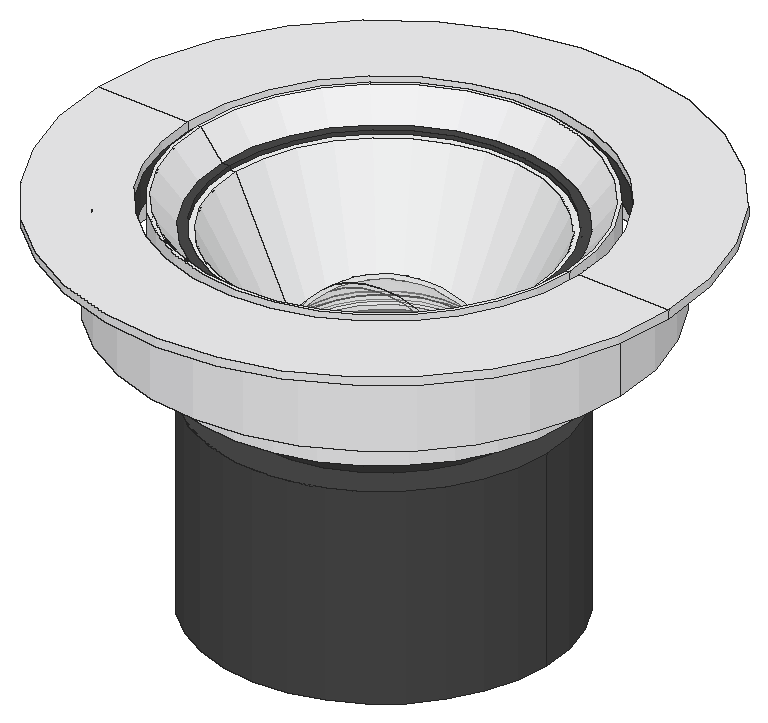
Revit family "Lighting Fixture_Sylvania_Expospot 90 Adjustable_Ceiling Recessed1", category Lighting Fixtures, host Face, Revit 2016
Family settings
  Host = Face
  Part Type = Normal
  Round Connector Dimension = Use Diameter
  OmniClass Number = 23.80.70.11.17
  OmniClass Title = Specialized Lighting by Location or Use
  Cut with Voids When Loaded = No
  Light Source = No
  Shared = No
  Room Calculation Point = No
Parameters (values of type "EXPOSPOT 90 ADJ HE 80 3K MB WH")
  Weight = 0.77 kg  # constant formula
  Total Power Consumption = 27.9994 W
  Reflector Material = Aluminum_Sylvania_Expospot_Polished
  Radius = Diameter / 2  # 75.0 mm
  Product Code = "0060262"
  Photometric Web File = IES_Expospot_90_Adjustable : 0060262
  Photobiological Risk Group = "RG1"  # constant formula
  Nominal Frequency = "50/60Hz"  # constant formula
  Mounting Outer Radius = Head Radius + 3.0 mm  # 52.0 mm
  Max. Luminaires per 20A C Breaker = "45"  # constant formula
  Max. Luminaires per 20A B Breaker = "27"  # constant formula
  Max. Luminaires per 16A C Breaker = "35"  # constant formula
  Max. Luminaires per 16A B Breaker = "21"  # constant formula
  Max. Luminaires per 13A C Breaker = "28"  # constant formula
  Max. Luminaires per 13A B Breaker = "17"  # constant formula
  Max. Luminaires per 10A C Breaker = "21"  # constant formula
  Max. Luminaires per 10A B Breaker = "13"  # constant formula
  Light Loss Factor = 1  # constant formula
  Lamp Power Factor = 0.92
  LOR = "100%"  # constant formula
  Inrush Duration = "250µs"  # constant formula
  Inrush Current = 19.4 A  # constant formula
  Initial Intensity = 3126 lm
  Initial Color = 3000 K
  IP Rating = "IP20"  # constant formula
  IK Rating = "IK02"  # constant formula
  Height = 103.0 mm  # constant formula
  Voltage Comments = "220-240V~"  # constant formula
  Voltage = 240 V  # constant formula
  URL = "http://www.sylvania-lighting.com/product/en-int/category/interior-lighting/accent-downlights/families/expospot-led/expospot-90-adjustable"
  Product Page URL = "http://www.sylvania-lighting.com/product/en-int/products/0060262"
  Product Family = "EXPOSPOT 90 ADJUSTABLE"  # constant formula
  Head Radius = Radius - 26.0 mm  # 49.0 mm
  Head Diameter = Head Radius * 2  # 98.0 mm
  Head Angle [instance] = 0°
  Glow Wire Test = 850 °C  # constant formula
  Electrical Protection = "Class II"  # constant formula
  Drive Current = "700mA"  # constant formula
  Dimmable = "N"  # constant formula
  Diffuser Material = Acrylic_Sylvania_Expospot_3000K
  Diameter = 150.0 mm  # constant formula
  Cutout Diameter = Diameter - 10.0 mm  # 140.0 mm
  Created by URL = "http://all1studio.com/"
  Created by = "All 1 Studio Ltd. "  # constant formula
  Control Gear Type = "Electronic"  # constant formula
  Control Gear Required = "No"  # constant formula
  Control Gear Mounting = "Remote"  # constant formula
  Colour Variation Initial = "3SDCM"  # constant formula
  built-in parameter 1114216 [instance] = 1 (stored number, unit not read)
  Model = "EXPOSPOT 90 ADJ HE 80 3K MB WH"
  Manufacturer = "Feilo Sylvania"  # constant formula
  Lamp = "LED"  # constant formula
  CRI = "80Ra"
  Body Material = Aluminum_Sylvania_Expospot_White
  Description = "Specifically designed for Retail and Display applications. I.e. Supermarkets Fashion Retail Department stores. Build around a 90mm reflector and lens combination."  # constant formula
  Default Elevation = 0.0 mm
  built-in parameter 1140040 [instance] = 1
  Beam Angle = 47°
  Average Life = "50 000h"  # constant formula
  Assembly Code = "D5020200"
  Apparent Load Comments = ""
  Apparent Load = 27.9994 VA
  Body Secondary Material = Plastic_Sylvania_Expospot_Black
Types (24, lengths in mm): name | Total Power Consumption | Product Code | Photometric Web File | Lamp Power Factor | Initial Intensity | Initial Color | Product Page URL | Diffuser Material | Model | CRI | Beam Angle | Apparent Load
  EXPOSPOT 90 ADJ HO 90 4K WB WH | 34.9993 W | "0060296" | IES_Expospot_90_Adjustable : 0060296 | 0.95 | 3479 lm | 4000 K | "http://www.sylvania-lighting.com/product/en-int/products/0060296" | Acrylic_Sylvania_Expospot_4000K | "EXPOSPOT 90 ADJ HO 90 4K WB WH" | "90Ra" | 57° | 34.9993 VA
  EXPOSPOT 90 ADJ HO 90 4K MB WH | 34.9993 W | "0060295" | IES_Expospot_90_Adjustable : 0060295 | 0.95 | 3458 lm | 4000 K | "http://www.sylvania-lighting.com/product/en-int/products/0060295" | Acrylic_Sylvania_Expospot_4000K | "EXPOSPOT 90 ADJ HO 90 4K MB WH" | "90Ra" | 43° | 34.9993 VA
  EXPOSPOT 90 ADJ HO 90 4K NB WH | 34.9993 W | "0060294" | IES_Expospot_90_Adjustable : 0060294 | 0.95 | 3570 lm | 4000 K | "http://www.sylvania-lighting.com/product/en-int/products/0060294" | Acrylic_Sylvania_Expospot_4000K | "EXPOSPOT 90 ADJ HO 90 4K NB WH" | "90Ra" | 26° | 34.9993 VA
  EXPOSPOT 90 ADJ HO 90 3K WB WH | 34.9993 W | "0060293" | IES_Expospot_90_Adjustable : 0060293 | 0.95 | 3293 lm | 3000 K | "http://www.sylvania-lighting.com/product/en-int/products/0060293" | Acrylic_Sylvania_Expospot_3000K | "EXPOSPOT 90 ADJ HO 90 3K WB WH" | "90Ra" | 56° | 34.9993 VA
  EXPOSPOT 90 ADJ HO 90 3K MB WH | 34.9993 W | "0060292" | IES_Expospot_90_Adjustable : 0060292 | 0.95 | 3180 lm | 3000 K | "http://www.sylvania-lighting.com/product/en-int/products/0060292" | Acrylic_Sylvania_Expospot_3000K | "EXPOSPOT 90 ADJ HO 90 3K MB WH" | "90Ra" | 44° | 34.9993 VA
  EXPOSPOT 90 ADJ HO 90 3K NB WH | 34.9993 W | "0060291" | IES_Expospot_90_Adjustable : 0060291 | 0.95 | 3369 lm | 3000 K | "http://www.sylvania-lighting.com/product/en-int/products/0060291" | Acrylic_Sylvania_Expospot_3000K | "EXPOSPOT 90 ADJ HO 90 3K NB WH" | "90Ra" | 26° | 34.9993 VA
  EXPOSPOT 90 ADJ HO 80 4K WB WH | 34.9993 W | "0060290" | IES_Expospot_90_Adjustable : 0060290 | 0.95 | 3942 lm | 4000 K | "http://www.sylvania-lighting.com/product/en-int/products/0060290" | Acrylic_Sylvania_Expospot_4000K | "EXPOSPOT 90 ADJ HO 80 4K WB WH" | "80Ra" | 60° | 34.9993 VA
  EXPOSPOT 90 ADJ HO 80 4K MB WH | 34.9993 W | "0060289" | IES_Expospot_90_Adjustable : 0060289 | 0.95 | 3852 lm | 4000 K | "http://www.sylvania-lighting.com/product/en-int/products/0060289" | Acrylic_Sylvania_Expospot_4000K | "EXPOSPOT 90 ADJ HO 80 4K MB WH" | "80Ra" | 43° | 34.9993 VA
  EXPOSPOT 90 ADJ HO 80 4K NB WH | 34.9993 W | "0060288" | IES_Expospot_90_Adjustable : 0060288 | 0.95 | 4121 lm | 4000 K | "http://www.sylvania-lighting.com/product/en-int/products/0060288" | Acrylic_Sylvania_Expospot_4000K | "EXPOSPOT 90 ADJ HO 80 4K NB WH" | "80Ra" | 27° | 34.9993 VA
  EXPOSPOT 90 ADJ HO 80 3K WB WH | 34.9993 W | "0060287" | IES_Expospot_90_Adjustable : 0060287 | 0.95 | 3736 lm | 3000 K | "http://www.sylvania-lighting.com/product/en-int/products/0060287" | Acrylic_Sylvania_Expospot_3000K | "EXPOSPOT 90 ADJ HO 80 3K WB WH" | "80Ra" | 62° | 34.9993 VA
  EXPOSPOT 90 ADJ HO 80 3K MB WH | 34.9993 W | "0060286" | IES_Expospot_90_Adjustable : 0060286 | 0.95 | 3721 lm | 3000 K | "http://www.sylvania-lighting.com/product/en-int/products/0060286" | Acrylic_Sylvania_Expospot_3000K | "EXPOSPOT 90 ADJ HO 80 3K MB WH" | "80Ra" | 45° | 34.9993 VA
  EXPOSPOT 90 ADJ HE 90 4K WB WH | 27.9994 W | "0060272" | IES_Expospot_90_Adjustable : 0060272 | 0.92 | 2855 lm | 4000 K | "http://www.sylvania-lighting.com/product/en-int/products/0060272" | Acrylic_Sylvania_Expospot_4000K | "EXPOSPOT 90 ADJ HE 90 4K WB WH" | "90Ra" | 57° | 27.9994 VA
  EXPOSPOT 90 ADJ HE 90 4K MB WH | 27.9994 W | "0060271" | IES_Expospot_90_Adjustable : 0060271 | 0.92 | 2836 lm | 4000 K | "http://www.sylvania-lighting.com/product/en-int/products/0060271" | Acrylic_Sylvania_Expospot_4000K | "EXPOSPOT 90 ADJ HE 90 4K MB WH" | "90Ra" | 45° | 27.9994 VA
  EXPOSPOT 90 ADJ HE 90 4K NB WH | 27.9994 W | "0060270" | IES_Expospot_90_Adjustable : 0060270 | 0.92 | 2789 lm | 4000 K | "http://www.sylvania-lighting.com/product/en-int/products/0060270" | Acrylic_Sylvania_Expospot_4000K | "EXPOSPOT 90 ADJ HE 90 4K NB WH" | "90Ra" | 26° | 27.9994 VA
  EXPOSPOT 90 ADJ HE 90 3K WB WH | 27.9994 W | "0060269" | IES_Expospot_90_Adjustable : 0060269 | 0.92 | 2589 lm | 3000 K | "http://www.sylvania-lighting.com/product/en-int/products/0060269" | Acrylic_Sylvania_Expospot_3000K | "EXPOSPOT 90 ADJ HE 90 3K WB WH" | "90Ra" | 58° | 27.9994 VA
  EXPOSPOT 90 ADJ HE 90 3K MB WH | 27.9994 W | "0060268" | IES_Expospot_90_Adjustable : 0060268 | 0.92 | 2573 lm | 3000 K | "http://www.sylvania-lighting.com/product/en-int/products/0060268" | Acrylic_Sylvania_Expospot_3000K | "EXPOSPOT 90 ADJ HE 90 3K MB WH" | "90Ra" | 44° | 27.9994 VA
  EXPOSPOT 90 ADJ HE 90 3K NB WH | 27.9994 W | "0060267" | IES_Expospot_90_Adjustable : 0060267 | 0.92 | 2536 lm | 3000 K | "http://www.sylvania-lighting.com/product/en-int/products/0060267" | Acrylic_Sylvania_Expospot_3000K | "EXPOSPOT 90 ADJ HE 90 3K NB WH" | "90Ra" | 25° | 27.9994 VA
  EXPOSPOT 90 ADJ HE 80 4K WB WH | 27.9994 W | "0060266" | IES_Expospot_90_Adjustable : 0060266 | 0.92 | 3229 lm | 4000 K | "http://www.sylvania-lighting.com/product/en-int/products/0060266" | Acrylic_Sylvania_Expospot_4000K | "EXPOSPOT 90 ADJ HE 80 4K WB WH" | "80Ra" | 57° | 27.9994 VA
  EXPOSPOT 90 ADJ HE 80 4K MB WH | 27.9994 W | "0060265" | IES_Expospot_90_Adjustable : 0060265 | 0.92 | 3232 lm | 4000 K | "http://www.sylvania-lighting.com/product/en-int/products/0060265" | Acrylic_Sylvania_Expospot_4000K | "EXPOSPOT 90 ADJ HE 80 4K MB WH" | "80Ra" | 43° | 27.9994 VA
  EXPOSPOT 90 ADJ HE 80 4K NB WH | 27.9994 W | "0060264" | IES_Expospot_90_Adjustable : 0060264 | 0.92 | 3145 lm | 4000 K | "http://www.sylvania-lighting.com/product/en-int/products/0060264" | Acrylic_Sylvania_Expospot_4000K | "EXPOSPOT 90 ADJ HE 80 4K NB WH" | "80Ra" | 29° | 27.9994 VA
  EXPOSPOT 90 ADJ HE 80 3K WB WH | 27.9994 W | "0060263" | IES_Expospot_90_Adjustable : 0060263 | 0.92 | 3174 lm | 3000 K | "http://www.sylvania-lighting.com/product/en-int/products/0060263" | Acrylic_Sylvania_Expospot_3000K | "EXPOSPOT 90 ADJ HE 80 3K WB WH" | "80Ra" | 61° | 27.9994 VA
  EXPOSPOT 90 ADJ HE 80 3K MB WH | 27.9994 W | "0060262" | IES_Expospot_90_Adjustable : 0060262 | 0.92 | 3126 lm | 3000 K | "http://www.sylvania-lighting.com/product/en-int/products/0060262" | Acrylic_Sylvania_Expospot_3000K | "EXPOSPOT 90 ADJ HE 80 3K MB WH" | "80Ra" | 47° | 27.9994 VA
  EXPOSPOT 90 ADJ HE 80 3K NB WH | 27.9994 W | "0060261" | IES_Expospot_90_Adjustable : 0060261 | 0.92 | 3174 lm | 3000 K | "http://www.sylvania-lighting.com/product/en-int/products/0060261" | Acrylic_Sylvania_Expospot_3000K | "EXPOSPOT 90 ADJ HE 80 3K NB WH" | "80Ra" | 26° | 27.9994 VA
  EXPOSPOT 90 ADJ HO 80 3K NB WH | 34.9993 W | "0060285" | IES_Expospot_90_Adjustable : 0060285 | 0.95 | 3946 lm | 3000 K | "http://www.sylvania-lighting.com/product/en-int/products/0060285" | Acrylic_Sylvania_Expospot_3000K | "EXPOSPOT 90 ADJ HO 80 3K NB WH" | "80Ra" | 27° | 34.9993 VA
Reference planes
  plane 1 "Center (Front/Back)": y = 0
  plane 2: z = 0
  plane 3 "Center (Left/Right)": x = -7.423
  plane 4: z = 2
  plane 5: z = -22.5
  plane 6: x = -82.423
  plane 7: z = -5
Forms (mm)
  Revolve 1, solid, material "Aluminum_Sylvania_Expospot_White" <- "Body Material", detail levels fine
    sketch origin (0, 0, 0) x (1, 0, 0) y (0, 0, 1)
      loop
        line (-82.423, 2) -> (-82.423, 0) -> (-69.923, 0) -> (-69.923, -22.5) -> (-67.923, -22.5) -> (-67.923, 0) -> (-58.923, 0) -> (-58.923, 2) -> (-82.423, 2)
      axis (-7.423, 2) -> (-7.423, -22.5)
    angle from 0 to 360
  Revolve 2, solid, material "Plastic_Sylvania_Expospot_Black" <- "Body Secondary Material", detail levels fine
    sketch origin (0, 0, 0) x (1, 0, 0) y (0, 0, 1)
      loop
        line (-67.923, 0) -> (-67.923, -1.5) -> (-60.923, -1.5) -> (-60.923, -8.5) -> (-59.423, -8.5) -> (-59.423, 0) -> (-67.923, 0)
      axis (-7.423, 0) -> (-7.423, -8.5)
    angle from 0 to 360
  Extrusion 3, void
    sketch origin (0, 0, 0) x (1, 0, 0) y (0, 1, 0)
      loop
        circle (-7.423, 0) r 70
    from -116.997 to 69.443
  Extrusion 4, solid, material "Aluminum_Sylvania_Expospot_White" <- "Body Material", detail levels fine
    sketch origin (-7.423, 0, 0) x (0, 1, 0) y (0, 0, 1)
      loop
        circle (0, -5) r 3.5
    from 49 <- "Head Radius" to 52 <- "Mounting Outer Radius"
  Extrusion 5, solid, material "Aluminum_Sylvania_Expospot_White" <- "Body Material", detail levels fine
    sketch origin (-7.423, 0, 0) x (0, 1, 0) y (0, 0, -1)
      loop
        circle (0, 5) r 3.5
    from 49 <- "Head Radius" to 52 <- "Mounting Outer Radius"
  Revolve 6, solid, material "Aluminum_Sylvania_Expospot_White" <- "Body Material", detail levels coarse+medium
    sketch origin (0, 0, 0) x (1, 0, 0) y (0, 0, 1)
      loop
        line (-82.423, 2) -> (-82.423, 0) -> (-69.923, 0) -> (-69.923, -22.5) -> (-67.923, -22.5) -> (-67.923, -8.5) -> (-58.923, -8.5) -> (-58.923, 2) -> (-82.423, 2)
      axis (-7.423, 2) -> (-7.423, -22.5)
    angle from 0 to 360
Lines and regions (mm)
  Masking region 1
    outline origin (0, 0, 0) x (1, 0, 0) y (0, 1, 0)
      loop
        circle (-7.423, 0) r 75
  reference lines
    curve 1: line (-7.423, 0, -5) -> (-7.423, 0, -60)
  symbolic lines, detail levels fine
    curve 2: arc (-58.923, 0, 0) -> (-7.423, 51.5, 0) -> (44.077, 0, 0) r 51.5
    curve 3: arc (44.077, 0, 0) -> (-7.423, -51.5, 0) -> (-58.923, 0, 0) r 51.5
Dimensions and locks
  plane 4 to plane 2 to plane 7 to plane 5 = 2.0 mm locked, 5.0 mm locked, 17.5 mm locked
  "Radius": plane 6 to plane 3 "Center (Left/Right)"
  "Cutout Diameter": diameter of Extrusion 3 sketch curve
  "Head Angle": angle plane 1 "Center (Front/Back)" to curve 1
  aligned and locked: host face to plane 2
  aligned and locked: host face to level
  aligned and locked: plane 6 to Revolve 1 sketch curve
  aligned and locked: Revolve 1 sketch curve to plane 3 "Center (Left/Right)"
  aligned and locked: plane 1 "Center (Front/Back)" to curve 1
  aligned and locked: plane 7 to curve 1
  aligned and locked: plane 6 to Revolve 6 sketch curve
Automatic sketch dimensions
  host sketch curve to host sketch curve = 1412.252 mm
  host sketch curve to host sketch curve = 1359.6 mm
  Revolve 1 sketch curve to level = 0.0 mm  (x2)
  Revolve 1 sketch curve to plane 5 = 0.0 mm
  Revolve 1 sketch curve to plane 4 = 0.0 mm
  Revolve 1 sketch curve to Revolve 1 sketch curve = 12.5 mm
  Revolve 1 sketch curve to Revolve 1 sketch curve = 2.0 mm
  Revolve 1 sketch curve to Revolve 1 sketch curve = 9.0 mm
  Revolve 1 sketch curve to plane 5 = 349.774 mm
  plane 4 to Revolve 1 sketch curve = 1145.706 mm
  Revolve 2 sketch curve to level = 0.0 mm
  Revolve 2 sketch curve to plane 3 "Center (Left/Right)" = 0.0 mm
  Revolve 2 sketch curve to plane 6 = 23.0 mm
  Revolve 2 sketch curve to Revolve 2 sketch curve = 1.5 mm
  Revolve 2 sketch curve to level = 1.5 mm
  Revolve 2 sketch curve to Revolve 2 sketch curve = 7.0 mm
  Revolve 2 sketch curve to plane 7 = 3.5 mm
  Revolve 2 sketch curve to plane 5 = 349.774 mm
  plane 4 to Revolve 2 sketch curve = 1145.706 mm
  plane 1 "Center (Front/Back)" to Extrusion 3 sketch curve = 0.0 mm
  Extrusion 3 sketch curve to plane 3 "Center (Left/Right)" = 0.0 mm
  Extrusion 4 sketch curve to plane 1 "Center (Front/Back)" = 0.0 mm
  Extrusion 4 sketch curve to plane 7 = 0.0 mm
  Extrusion 5 sketch curve to plane 1 "Center (Front/Back)" = 0.0 mm
  Extrusion 5 sketch curve to plane 7 = 0.0 mm
  Revolve 6 sketch curve to level = 0.0 mm
  Revolve 6 sketch curve to plane 5 = 0.0 mm
  Revolve 6 sketch curve to plane 4 = 0.0 mm
  Revolve 6 sketch curve to plane 3 "Center (Left/Right)" = 0.0 mm
  Revolve 6 sketch curve to plane 6 = 12.5 mm
  Revolve 6 sketch curve to plane 7 = 3.5 mm
  Revolve 6 sketch curve to Revolve 6 sketch curve = 9.0 mm
  Revolve 6 sketch curve to plane 5 = 349.774 mm
  plane 4 to Revolve 6 sketch curve = 1145.706 mm
  Revolve 6 sketch curve to Revolve 6 sketch curve = 2.0 mm
  Masking region 1 sketch curve to Masking region 1 sketch curve = 0.0 mm  (x2)
  plane 1 "Center (Front/Back)" to Masking region 1 sketch curve = 0.0 mm
  Masking region 1 sketch curve to plane 6 = 0.0 mm
  Masking region 1 sketch curve to plane 3 "Center (Left/Right)" = 0.0 mm
  curve 2 to curve 3 = 0.0 mm  (x2)
  plane 1 "Center (Front/Back)" to curve 2 = 0.0 mm
  curve 3 to plane 3 "Center (Left/Right)" = 0.0 mm
  curve 3 to plane 6 = 23.5 mm
  radius of Extrusion 4 sketch curve = 3.5 mm
  radius of Extrusion 5 sketch curve = 3.5 mm
Nested families
  nested 1: "Head_Expospot 90" at (-7.423, 0, 2), type "Head_Expospot 90"
  nested 2: "IES_Expospot_90_Adjustable" at (-7.423, 0, 2), type <- "Photometric Web File", type "0060262"
Connectors
  electrical at (-7.423, 0, -101), driven by "Voltage", driven by "Apparent Load", driven by "Lamp Power Factor"
    settings: on nested 1, index 1, voltage 240 V, apparent load 0 VA, apparent load phase1 27.9994 VA, apparent load phase2 0 VA, apparent load phase3 0 VA, power factor 0.92, load classification "Lighting", number of poles 1, system type 31, power factor state 1, is connector primary yes, connector utility no, sub classification motor no, connector description ""
Definition of nested family "Head_Expospot 90"
  Parameters (values of type "Head_Expospot 90")
    Reflector Material = none
    Radius = 49.0 mm
    Height = 103.0 mm
    Diffuser Material = none
    Default Elevation = 0.0 mm
    Cooling Radius = Radius - 6.0 mm  # 43.0 mm
    Body Secondary Material = none
    Body Material = none
  Reference planes
    plane 1 "Center (Front/Back)": y = 0
    plane 2: z = 0
    plane 3 "Center (Left/Right)": x = 0
    plane 4: z = -35.5
    plane 5: z = -6.5
    plane 6 "Fixture Radius": x = -49
    plane 7: z = -45
    plane 8: z = -95
    plane 9: z = -103
    plane 10 "Diffuser Radius": x = -24.5
    plane 11: z = -36.5
  Forms (mm)
    Revolve 1, solid, material <- "Body Material", detail levels fine
      sketch origin (0, 0, 0) x (1, 0, 0) y (0, 0, 1)
        loop
          line (-49, 0) -> (-49, -35.5) -> (-47, -35.5) -> (-47, -4.542) -> (-45.357, -6.5) -> (-42.746, -6.5) -> (-48.2, 0) -> (-49, 0)
        axis (0, 0) -> (0, -35.5)
      angle from 0 to 360
    Revolve 2, solid, material <- "Reflector Material", detail levels fine
      sketch origin (0, 0, 0) x (1, 0, 0) y (0, 0, 1)
        loop
          line (-41, -7.5) -> (-41, -8.5) -> (-39.623, -8.5) -> (-25.123, -37.5) -> (-20.5, -37.5) -> (-20.5, -36.5) -> (-24.5, -36.5) -> (-39, -7.5) -> (-41, -7.5)
        axis (0, -7.5) -> (0, -37.5)
      angle from 0 to 360
    Revolve 3, solid, material <- "Body Secondary Material", detail levels fine
      sketch origin (0, 0, 0) x (1, 0, 0) y (0, 0, 1)
        loop
          line (-47, -6.5) -> (-47, -35.5) -> (-42.5, -35.5) -> (-35.078, -45) -> (0, -45) -> (0, -37.5) -> (-24.5, -37.5) -> (-24.5, -44) -> (-34.59, -44) -> (-42.012, -34.5) -> (-46, -34.5) -> (-46, -7.5) -> (-40.5, -7.5) -> (-40.5, -6.5) -> (-47, -6.5)
        axis (0, -6.5) -> (0, -45)
      angle from 0 to 360
    Revolve 4, solid, material <- "Body Secondary Material", detail levels fine
      sketch origin (0, 0, 0) x (1, 0, 0) y (0, 0, 1)
        loop
          line (-30, -95) -> (-30, -97) -> (-28, -103) -> (0, -103) -> (0, -95) -> (-30, -95)
        axis (0, -95) -> (0, -103)
      angle from 0 to 360
    Extrusion 5, solid, material <- "Body Secondary Material", detail levels fine
      sketch origin (0, 0, 0) x (1, 0, 0) y (0, 1, 0)
        loop
          circle (0, 0) r 43
      from -95 to -45
    Extrusion 6, solid, material <- "Body Material", detail levels coarse+medium
      sketch origin (0, 0, 0) x (1, 0, 0) y (0, 1, 0)
        loop
          circle (0, 0) r 49
      from -103 to 0
    Revolve 7, solid, material <- "Diffuser Material", detail levels fine
      sketch origin (0, 0, 0) x (1, 0, 0) y (0, 0, 1)
        loop
          line (-22.5, -34.5) -> (-22.5, -36.5) -> (-21.5, -36.5) -> (-21.5, -34.77)
          arc (-21.5, -34.77) -> (-12.378, -25.783) -> (0, -22.5) r 24.971
          line (0, -22.5) -> (0, -21.5)
          arc (0, -21.5) -> (-12.993, -24.984) -> (-22.5, -34.5) r 25.971
        axis (0, -21.5) -> (0, -36.5)
      angle from 0 to 360
  Dimensions and locks
    "Radius": plane 3 "Center (Left/Right)" to plane 6 "Fixture Radius"
    locked: Revolve 4 sketch curve to plane 6 "Fixture Radius" at 19
    locked: plane 10 "Diffuser Radius" to plane 6 "Fixture Radius" at 24.5
    Revolve 7 sketch curve to Revolve 7 sketch curve to plane 11 = 1.0 mm locked, 14.0 mm locked
    plane 10 "Diffuser Radius" to Revolve 7 sketch curve to Revolve 7 sketch curve = 2.0 mm locked, 1.0 mm locked
    "Height": plane 2 to plane 9
    locked: plane 8 to plane 9 at 8
    plane 2 to plane 5 to plane 4 to plane 11 to plane 7 = 6.5 mm locked, 29.0 mm locked, 1.0 mm locked, 8.5 mm locked
    "Radius": radius of Extrusion 6 sketch curve
    "Cooling Radius": radius of Extrusion 5 sketch curve
    aligned and locked: level to plane 2
    aligned and locked: Revolve 1 sketch curve to plane 6 "Fixture Radius"
    aligned and locked: Extrusion 5 to plane 8
    aligned and locked: plane 7 to Extrusion 5
    aligned and locked: Extrusion 6 to plane 9
    aligned and locked: plane 2 to Extrusion 6
    aligned and locked: Revolve 1 sketch curve to plane 4
  Automatic sketch dimensions
    Revolve 4 sketch curve to plane 8 = 0.0 mm
    Revolve 4 sketch curve to plane 9 = 0.0 mm
    Revolve 4 sketch curve to plane 3 "Center (Left/Right)" = 0.0 mm  (x2)
    Revolve 4 sketch curve to plane 8 = 2.0 mm
    Revolve 4 sketch curve to Revolve 4 sketch curve = 2.0 mm
    Revolve 4 sketch curve to plane 9 = 265.545 mm
    level to Revolve 4 sketch curve = 2214.315 mm
    Revolve 1 sketch curve to level = 0.0 mm
    Revolve 1 sketch curve to plane 3 "Center (Left/Right)" = 0.0 mm
    Revolve 1 sketch curve to Revolve 1 sketch curve = 0.8 mm
    Revolve 1 sketch curve to Revolve 1 sketch curve = 2.0 mm
    plane 5 to Revolve 1 sketch curve = 1.958 mm
    Revolve 1 sketch curve to plane 5 = 0.0 mm
    Revolve 1 sketch curve to Revolve 1 sketch curve = 1.643 mm
    Revolve 1 sketch curve to Revolve 1 sketch curve = 2.611 mm
    Revolve 1 sketch curve to plane 9 = 288.545 mm
    level to Revolve 1 sketch curve = 2214.315 mm
    plane 10 "Diffuser Radius" to Revolve 2 sketch curve = 0.0 mm
    Revolve 2 sketch curve to plane 3 "Center (Left/Right)" = 0.0 mm
    Revolve 2 sketch curve to plane 11 = 0.0 mm
    Revolve 2 sketch curve to plane 5 = 1.0 mm
    plane 6 "Fixture Radius" to Revolve 2 sketch curve = 10.0 mm
    Revolve 2 sketch curve to Revolve 2 sketch curve = 2.0 mm
    Revolve 2 sketch curve to plane 10 "Diffuser Radius" = 4.0 mm
    Revolve 2 sketch curve to Revolve 2 sketch curve = 383.045 mm
    Revolve 2 sketch curve to Revolve 2 sketch curve = 2221.815 mm
    plane 10 "Diffuser Radius" to Revolve 2 sketch curve = 0.623 mm
    Revolve 2 sketch curve to Revolve 2 sketch curve = 0.623 mm
    Revolve 2 sketch curve to Revolve 2 sketch curve = 1.0 mm
    Revolve 2 sketch curve to plane 11 = 1.0 mm
    Revolve 3 sketch curve to plane 5 = 0.0 mm
    Revolve 3 sketch curve to plane 4 = 0.0 mm
    Revolve 3 sketch curve to plane 7 = 0.0 mm
    plane 10 "Diffuser Radius" to Revolve 3 sketch curve = 0.0 mm
    Revolve 3 sketch curve to plane 3 "Center (Left/Right)" = 0.0 mm  (x2)
    plane 7 to Revolve 3 sketch curve = 1.0 mm
    plane 10 "Diffuser Radius" to Revolve 3 sketch curve = 10.09 mm
    Revolve 3 sketch curve to Revolve 3 sketch curve = 0.488 mm  (x2)
    Revolve 3 sketch curve to plane 5 = 1.0 mm
    plane 6 "Fixture Radius" to Revolve 3 sketch curve = 8.5 mm
    plane 4 to Revolve 3 sketch curve = 1.0 mm
    plane 6 "Fixture Radius" to Revolve 3 sketch curve = 6.988 mm
    plane 6 "Fixture Radius" to Revolve 3 sketch curve = 3.0 mm
    Revolve 3 sketch curve to Revolve 3 sketch curve = 1.0 mm
    Revolve 3 sketch curve to plane 9 = 265.545 mm
    level to Revolve 3 sketch curve = 2214.315 mm
    Revolve 3 sketch curve to plane 11 = 1.0 mm
    Revolve 7 sketch curve to Revolve 7 sketch curve = 0.0 mm
    Revolve 7 sketch curve to plane 11 = 0.0 mm
    Revolve 7 sketch curve to plane 3 "Center (Left/Right)" = 0.0 mm  (x2)
    plane 4 to Revolve 7 sketch curve = 0.73 mm
    Revolve 7 sketch curve to plane 9 = 278.0 mm
    level to Revolve 7 sketch curve = 156.383 mm
    plane 1 "Center (Front/Back)" to Extrusion 5 sketch curve = 0.0 mm
    Extrusion 5 sketch curve to plane 3 "Center (Left/Right)" = 0.0 mm
    plane 1 "Center (Front/Back)" to Extrusion 6 sketch curve = 0.0 mm
    Extrusion 6 sketch curve to plane 3 "Center (Left/Right)" = 0.0 mm
Definition of nested family "IES_Expospot_90_Adjustable"
  Parameters (values of type "0060286")
    Wattage = 34.9993 W
    built-in parameter 1150110 = 1 (stored number, unit not read)
    Total Power Consumption = 34.9993 W
    built-in parameter 1114217 = 1 (stored number, unit not read)
    Tilt Angle = -90°
    built-in parameter 1150109 = 1 (stored number, unit not read)
    built-in parameter 1150134 = (empty or 0)
    built-in parameter 1150113 = 1 (stored number, unit not read)
    Photometric Web File = "0060286.ies"
    built-in parameter 1150105 = 296.11 (stored number, unit not read)
    Lumens = 3721 lm
    built-in parameter 1150115 = 1 (stored number, unit not read)
    built-in parameter 1150137 = (empty or 0)
    built-in parameter 1150139 = (empty or 0)
    built-in parameter 1150112 = 1 (stored number, unit not read)
    built-in parameter 1150114 = 1 (stored number, unit not read)
    built-in parameter 1150132 = 2
    built-in parameter 1150102 = 3721
    built-in parameter 1150107 = 3000 (stored number, unit not read)
    built-in parameter 1150138 = 3000
    built-in parameter 1150106 = 2.9611 (stored number, unit not read)
    Emit from Circle Diameter = 98.0 mm
    Emit Shape Visible in Rendering = no
    built-in parameter 1150104 = 9.8771 (stored number, unit not read)
    Dimming Lamp Color Temperature Shift = (empty or 0)
    Default Elevation = 0.0 mm
    Color Filter = 16777215
    built-in parameter 1114218 = 1 (stored number, unit not read)
    built-in parameter 1150133 = 10 (stored number, unit not read)
    Apparent Load = 34.9993 VA
  Types (24, lengths in mm): name | Wattage | Total Power Consumption | built-in parameter 1150134 | Photometric Web File | built-in parameter 1150105 | Lumens | built-in parameter 1150102 | built-in parameter 1150107 | built-in parameter 1150138 | built-in parameter 1150106 | built-in parameter 1150104 | Apparent Load
    0060296 | 34.9993 W | 34.9993 W | 12 | "0060296.ies" | 276.85 (stored number, unit not read) | 3479 lm | 3479 | 4000 (stored number, unit not read) | 4000 | 2.7685 (stored number, unit not read) | 9.2348 (stored number, unit not read) | 34.9993 VA
    0060295 | 34.9993 W | 34.9993 W | 12 | "0060295.ies" | 275.18 (stored number, unit not read) | 3458 lm | 3458 | 4000 (stored number, unit not read) | 4000 | 2.7518 (stored number, unit not read) | 9.179 (stored number, unit not read) | 34.9993 VA
    0060294 | 34.9993 W | 34.9993 W | 12 | "0060294.ies" | 284.09 (stored number, unit not read) | 3570 lm | 3570 | 4000 (stored number, unit not read) | 4000 | 2.8409 (stored number, unit not read) | 9.4763 (stored number, unit not read) | 34.9993 VA
    0060293 | 34.9993 W | 34.9993 W | (empty or 0) | "0060293.ies" | 262.05 (stored number, unit not read) | 3293 lm | 3293 | 3000 (stored number, unit not read) | 3000 | 2.6205 (stored number, unit not read) | 8.741 (stored number, unit not read) | 34.9993 VA
    0060292 | 34.9993 W | 34.9993 W | (empty or 0) | "0060292.ies" | 253.06 (stored number, unit not read) | 3180 lm | 3180 | 3000 (stored number, unit not read) | 3000 | 2.5306 (stored number, unit not read) | 8.4411 (stored number, unit not read) | 34.9993 VA
    0060291 | 34.9993 W | 34.9993 W | (empty or 0) | "0060291.ies" | 268.1 (stored number, unit not read) | 3369 lm | 3369 | 3000 (stored number, unit not read) | 3000 | 2.681 (stored number, unit not read) | 8.9428 (stored number, unit not read) | 34.9993 VA
    0060290 | 34.9993 W | 34.9993 W | 12 | "0060290.ies" | 313.69 (stored number, unit not read) | 3942 lm | 3942 | 4000 (stored number, unit not read) | 4000 | 3.1369 (stored number, unit not read) | 10.464 (stored number, unit not read) | 34.9993 VA
    0060289 | 34.9993 W | 34.9993 W | 12 | "0060289.ies" | 306.53 (stored number, unit not read) | 3852 lm | 3852 | 4000 (stored number, unit not read) | 4000 | 3.0653 (stored number, unit not read) | 10.225 (stored number, unit not read) | 34.9993 VA
    0060288 | 34.9993 W | 34.9993 W | 12 | "0060288.ies" | 327.94 (stored number, unit not read) | 4121 lm | 4121 | 4000 (stored number, unit not read) | 4000 | 3.2794 (stored number, unit not read) | 10.939 (stored number, unit not read) | 34.9993 VA
    0060287 | 34.9993 W | 34.9993 W | (empty or 0) | "0060287.ies" | 297.3 (stored number, unit not read) | 3736 lm | 3736 | 3000 (stored number, unit not read) | 3000 | 2.973 (stored number, unit not read) | 9.9169 (stored number, unit not read) | 34.9993 VA
    0060286 | 34.9993 W | 34.9993 W | (empty or 0) | "0060286.ies" | 296.11 (stored number, unit not read) | 3721 lm | 3721 | 3000 (stored number, unit not read) | 3000 | 2.9611 (stored number, unit not read) | 9.8771 (stored number, unit not read) | 34.9993 VA
    0060272 | 27.9994 W | 27.9994 W | 12 | "0060272.ies" | 227.19 (stored number, unit not read) | 2855 lm | 2855 | 4000 (stored number, unit not read) | 4000 | 2.2719 (stored number, unit not read) | 9.473 (stored number, unit not read) | 27.9994 VA
    0060271 | 27.9994 W | 27.9994 W | 12 | "0060271.ies" | 225.68 (stored number, unit not read) | 2836 lm | 2836 | 4000 (stored number, unit not read) | 4000 | 2.2568 (stored number, unit not read) | 9.4099 (stored number, unit not read) | 27.9994 VA
    0060270 | 27.9994 W | 27.9994 W | 12 | "0060270.ies" | 221.94 (stored number, unit not read) | 2789 lm | 2789 | 4000 (stored number, unit not read) | 4000 | 2.2194 (stored number, unit not read) | 9.254 (stored number, unit not read) | 27.9994 VA
    0060269 | 27.9994 W | 27.9994 W | (empty or 0) | "0060269.ies" | 206.03 (stored number, unit not read) | 2589 lm | 2589 | 3000 (stored number, unit not read) | 3000 | 2.0603 (stored number, unit not read) | 8.5904 (stored number, unit not read) | 27.9994 VA
    0060268 | 27.9994 W | 27.9994 W | (empty or 0) | "0060268.ies" | 204.75 (stored number, unit not read) | 2573 lm | 2573 | 3000 (stored number, unit not read) | 3000 | 2.0475 (stored number, unit not read) | 8.5373 (stored number, unit not read) | 27.9994 VA
    0060267 | 27.9994 W | 27.9994 W | (empty or 0) | "0060267.ies" | 201.81 (stored number, unit not read) | 2536 lm | 2536 | 3000 (stored number, unit not read) | 3000 | 2.0181 (stored number, unit not read) | 8.4145 (stored number, unit not read) | 27.9994 VA
    0060266 | 27.9994 W | 27.9994 W | 12 | "0060266.ies" | 256.96 (stored number, unit not read) | 3229 lm | 3229 | 4000 (stored number, unit not read) | 4000 | 2.5696 (stored number, unit not read) | 10.714 (stored number, unit not read) | 27.9994 VA
    0060265 | 27.9994 W | 27.9994 W | 12 | "0060265.ies" | 257.19 (stored number, unit not read) | 3232 lm | 3232 | 4000 (stored number, unit not read) | 4000 | 2.5719 (stored number, unit not read) | 10.724 (stored number, unit not read) | 27.9994 VA
    0060264 | 27.9994 W | 27.9994 W | 12 | "0060264.ies" | 250.27 (stored number, unit not read) | 3145 lm | 3145 | 4000 (stored number, unit not read) | 4000 | 2.5027 (stored number, unit not read) | 10.435 (stored number, unit not read) | 27.9994 VA
    0060263 | 27.9994 W | 27.9994 W | (empty or 0) | "0060263.ies" | 252.58 (stored number, unit not read) | 3174 lm | 3174 | 3000 (stored number, unit not read) | 3000 | 2.5258 (stored number, unit not read) | 10.531 (stored number, unit not read) | 27.9994 VA
    0060262 | 27.9994 W | 27.9994 W | (empty or 0) | "0060262.ies" | 248.76 (stored number, unit not read) | 3126 lm | 3126 | 3000 (stored number, unit not read) | 3000 | 2.4876 (stored number, unit not read) | 10.372 (stored number, unit not read) | 27.9994 VA
    0060261 | 27.9993 W | 28 W | (empty or 0) | "0060261.ies" | 3140.4 (stored number, unit not read) | 3174 lm | 3479 | 3000 (stored number, unit not read) | 4000 | 31.404 (stored number, unit not read) | 10.531 (stored number, unit not read) | 28 VA
    0060285 | 35.0009 W | 34.9993 W | (empty or 0) | "0060285.ies" | 4452.3 (stored number, unit not read) | 3946 lm | 3721 | 3000 (stored number, unit not read) | 3000 | 44.523 (stored number, unit not read) | 10.474 (stored number, unit not read) | 34.9993 VA
  Reference planes
    plane 1 "Center (Front/Back)": y = 0
    plane 2: z = 0
    plane 3 "Center (Left/Right)": x = 0
  Dimensions and locks
    aligned and locked: level to plane 2
    aligned and locked: plane 3 "Center (Left/Right)" to imposter light
    aligned and locked: plane 1 "Center (Front/Back)" to imposter light
    aligned and locked: level to imposter light
